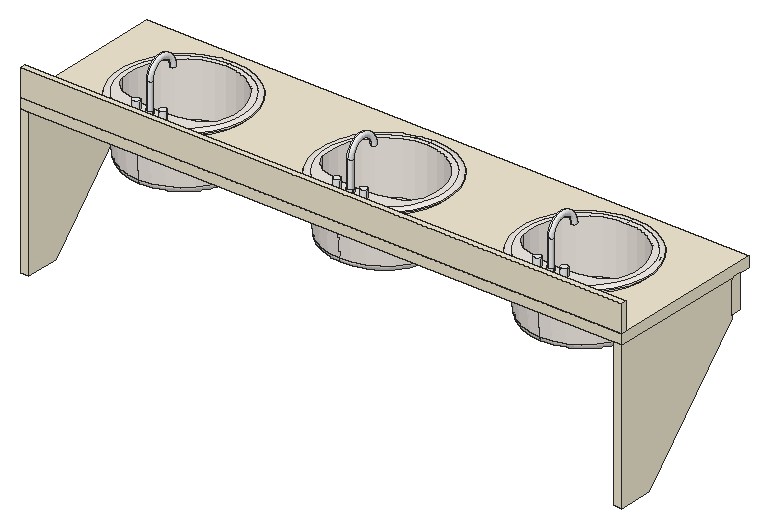
Revit family
Parameters (values of type "600mm x 2400mm Long")
  Number Of Sinks [instance] = Length / 762 mm  # 3
  Keynote = "N13/180"
  Height = 850 mm
  Distance To Sink Center [instance] = Length / (Number Of Sinks * 2) * 1  # 381 mm
  Counter Top Material = Laminate
  Base Material = Laminate
  Assembly Code = "C1030400"
  Clear Space = 685 mm
  Counter Thickness = 40 mm
  Depth = 600 mm
  Length [instance] = 2286 mm
Types (5, lengths in mm): name | Number Of Sinks | Distance To Sink Center | Length
  (no name) | 3 | 381 | 2286
  600mm x 2400mm Long | 3 | 381 | 2286
  600mm x 1800mm Long | 2 | 450 | 1800
  600mm x 1500mm Long | 2 | 375 | 1500
  600mm x 1200mm Long | 2 | 300 | 1200
Reference planes
  plane 1: y = 0
  plane 2 "Top Of Counter": z = 850
  plane 3: y = 101.6
  plane 4: x = 331.69
  plane 5: z = 810
  plane 6: y = 701.6
  plane 7 "Right": x = -1116.11
  plane 8 "Center (L/R)": x = 1169.89
  plane 9: z = 685
  plane 10 "Mid": x = 26.89
  plane 11: x = -735.11
  plane 12: y = 401.6
  plane 13: x = 788.89
Forms (mm)
  Extrusion 1, solid, material "Laminate" <- "Counter Top Material"
    sketch origin (0, 0, 850) x (0, 1, 0) y (-1, 0, 0)
      loop
        line (101.6, 1116.11) -> (101.6, -1169.89) -> (701.6, -1169.89) -> (701.6, 1116.11) -> (101.6, 1116.11)
    from 0 to -40
  Extrusion 2, solid, material "Laminate" <- "Counter Top Material"
    sketch origin (0, 0, 850) x (0, 1, 0) y (-1, 0, 0)
      loop
        line (101.6, 1116.11) -> (101.6, -1169.89) -> (120.65, -1169.89) -> (120.65, 1116.11) -> (101.6, 1116.11)
    from 0 to 101.6
  Extrusion 3, solid, material "Laminate" <- "Counter Top Material"
    sketch origin (1169.89, 0, 0) x (0, -1, 0) y (0, 0, 1)
      loop
        line (-663.5, 810) -> (-663.5, 685) -> (-625.4, 685) -> (-625.4, 810) -> (-663.5, 810)
    from 0 to 2286
  Extrusion 4, solid, material "Laminate" <- "Base Material"
    sketch origin (1169.89, 0, 0) x (0, -1, 0) y (0, 0, 1)
      loop
        line (-625.4, 810) -> (-625.4, 670.3) -> (-228.6, 254) -> (-101.6, 254) -> (-101.6, 810) -> (-625.4, 810)
    from 0 to 31.75
  Extrusion 5, solid, material "Laminate" <- "Base Material"
    sketch origin (-1116.11, 0, 0) x (0, 1, 0) y (0, 0, 1)
      loop
        line (625.4, 810) -> (101.6, 810) -> (101.6, 254) -> (228.6, 254) -> (625.4, 670.3) -> (625.4, 810)
    from 0 to 31.75
  Extrusion 6, void
    sketch origin (-228.6, -17.5, -0.4) x (1, 0, 0) y (0, 1, 0)
      loop
        circle (-506.51, 419.1) r 228.6
    from 685.8 to 863.6
  Extrusion 7, void
    sketch origin (1295.4, -17.5, 0.4) x (1, 0, 0) y (0, 1, 0)
      loop
        circle (-506.51, 419.1) r 228.6
    from 685.8 to 863.6
  Extrusion 8, void, not visible
    sketch origin (-209.6, -17.5, -0.4) x (1, 0, 0) y (0, 1, 0)
      loop
        circle (-506.51, 419.1) r 228.6
    from 685.8 to 863.6
  Extrusion 9, void
    sketch origin (533.4, -17.5, 0) x (1, 0, 0) y (0, 1, 0)
      loop
        circle (-506.51, 419.1) r 228.6
    from 685.8 to 863.6
Cuts and joins
  Extrusion 6, Extrusion 7, Extrusion 9 cuts Extrusion 1
  Extrusion 6, Extrusion 7 cuts Extrusion 2
  Extrusion 6, Extrusion 7, Extrusion 9 cuts Extrusion 3
  Extrusion 6, Extrusion 7 cuts Extrusion 4
  Extrusion 6, Extrusion 7 cuts Extrusion 5
Lines and regions (mm)
  symbolic lines
    curve 1: line (1169.89, 120.65, 0) -> (-1116.11, 120.65, 0)
    curve 2: line (-1116.11, 101.6, 0) -> (1169.89, 101.6, 0)
    curve 3: line (-1116.11, 701.6, 0) -> (-1116.11, 101.6, 0)
    curve 4: line (1169.89, 701.6, 0) -> (-1116.11, 701.6, 0)
    curve 5: line (1169.89, 101.6, 0) -> (1169.89, 701.6, 0)
Text (mm)
  text "Interior" at (0, 1019.848, 3124.603), in view "Right"
  text "Interior" at (1421.085, 271.063, 0), in view "Floor Line"
  text "Interior" at (0, 1206.291, 2342.273), in view "Left"
Dimensions and locks
  "Height": host wall to plane 2 "Top Of Counter"
  "Counter Thickness": plane 5 to plane 2 "Top Of Counter"
  "Depth": plane 3 to plane 6
  "Length": plane 7 "Right" to plane 8 "Center (L/R)"
  "Clear Space": level to plane 9
  equal spacing: plane 7 "Right", plane 10 "Mid", plane 8 "Center (L/R)"
  equal spacing: plane 6, plane 12, plane 3
  equal spacing: group 1, group 4, group 2  (x3)
  "Distance To Sink Center": plane 7 "Right" to plane 11
  "Distance To Sink Center": plane 13 to plane 8 "Center (L/R)"
  aligned and locked: plane 3 to host wall
  aligned and locked: Extrusion 1 to plane 8 "Center (L/R)"
  aligned and locked: Extrusion 1 sketch curve to plane 8 "Center (L/R)"
  aligned and locked: Extrusion 1 sketch curve to plane 7 "Right"
  aligned and locked: Extrusion 1 to plane 2 "Top Of Counter"  (x2)
  aligned and locked: Extrusion 1 to plane 5
  aligned and locked: Extrusion 1 to Extrusion 3 sketch curve
  aligned and locked: Extrusion 3 sketch curve to plane 9
  aligned and locked: Extrusion 1 to Extrusion 3  (x2)
  aligned and locked: nested 1 to plane 11
  aligned and locked: nested 1 to plane 12
  aligned and locked: plane 13 to nested 2
  aligned and locked: nested 2 to plane 12
Automatic sketch dimensions
  Extrusion 2 sketch curve to plane 3 = 0 mm
  Extrusion 1 sketch curve to host wall = 0 mm
  Extrusion 1 sketch curve to plane 6 = 0 mm
  Extrusion 2 sketch curve to plane 8 "Center (L/R)" = 0 mm
  Extrusion 2 sketch curve to plane 7 "Right" = 0 mm
  Extrusion 2 sketch curve to Extrusion 2 sketch curve = 19.05 mm
  Extrusion 3 sketch curve to plane 6 = 38.1 mm
  Extrusion 3 sketch curve to Extrusion 3 sketch curve = 38.1 mm
  Extrusion 4 sketch curve to plane 5 = 0 mm
  Extrusion 4 sketch curve to host wall = 0 mm
  host wall to Extrusion 4 sketch curve = 127 mm
  Extrusion 4 sketch curve to plane 6 = 76.2 mm
  Extrusion 4 sketch curve to Extrusion 4 sketch curve = 139.7 mm
  level to Extrusion 4 sketch curve = 254 mm
  Extrusion 5 sketch curve to host wall = 0 mm
  Extrusion 5 sketch curve to plane 5 = 0 mm
  host wall to Extrusion 5 sketch curve = 127 mm
  Extrusion 5 sketch curve to plane 6 = 76.2 mm
  Extrusion 5 sketch curve to Extrusion 5 sketch curve = 139.7 mm
  level to Extrusion 5 sketch curve = 254 mm
  curve 3 to plane 7 "Right" = 0 mm
  curve 5 to host wall = 0 mm
  curve 5 to plane 8 "Center (L/R)" = 0 mm
  curve 5 to plane 6 = 0 mm
  curve 2 to curve 1 = 19.05 mm
  Extrusion 6 sketch curve to Extrusion 6 sketch curve = 228.6 mm
  Extrusion 7 sketch curve to Extrusion 7 sketch curve = 228.6 mm
  Extrusion 6 sketch curve to Extrusion 6 sketch curve = 0 mm  (x2)
  Extrusion 7 sketch curve to Extrusion 7 sketch curve = 0 mm  (x2)
  Extrusion 8 sketch curve to Extrusion 8 sketch curve = 228.6 mm
  Extrusion 8 sketch curve to Extrusion 8 sketch curve = 0 mm  (x2)
  Extrusion 9 sketch curve to Extrusion 9 sketch curve = 228.6 mm
  Extrusion 9 sketch curve to Extrusion 9 sketch curve = 0 mm  (x2)
Nested families
  nested 1: "Sink - Vanity - Round" at (-638.459, 486.768, 75.4) x (-1, 0, 0) z (0, 0, 1), type "Basin"
  nested 2: "Sink - Vanity - Round" at (885.541, 486.768, 76.2) x (-1, 0, 0) z (0, 0, 1), type "Basin"
  nested 3: "Sink - Vanity - Round" at (-619.459, 486.768, 75.4) x (-1, 0, 0) z (0, 0, 1), type "Basin", not visible
  nested 4: "Sink - Vanity - Round" at (123.541, 486.768, 75.8) x (-1, 0, 0) z (0, 0, 1), type "Basin"
Definition of nested family "Sink - Vanity - Round"
  Parameters (values of type "Basin")
    Keynote = "N13/180"
    Assembly Code = "D2010400"
    Basin Material = Porcelain - Linen
    Material Fittings = Metal - Steel, Polished
    Top Of Counter = 785 mm
  Reference planes
    plane 1: z = 0
    plane 2 "Center (Left/Right)": x = 96.652
    plane 3: z = 785
    plane 4: z = 794.525
    plane 5: x = -144.648
    plane 6: x = 337.952
    plane 7: y = 85.168
    plane 8: y = 326.468
    plane 9: y = -156.132
    plane 10: y = 136.253
    plane 11 "cold": x = 147.452
    plane 12 "hot": x = 45.852
    plane 13: y = 247.093
    plane 14 "sweep": x = 96.652
    plane 15: y = 247.093
    plane 16: z = 823.1
    plane 17: z = 569.1
    plane 18: z = 806.76
  Forms (mm)
    Revolve 1, solid, material "Porcelain - Linen" <- "Basin Material"
      sketch origin (96.652, 0, 0) x (0, 1, 0) y (0, 0, 1)
        loop
          line (326.468, 785) -> (326.468, 788.969)
          arc (326.468, 788.969) -> (316.651, 793.824) -> (305.722, 794.525) r 27.884
          line (305.722, 794.525) -> (85.168, 794.525) -> (85.168, 569.1) -> (277.462, 569.1)
          arc (277.462, 569.1) -> (292.221, 575.344) -> (298.018, 590.284) r 20.566
          line (298.018, 590.284) -> (314.561, 785) -> (326.468, 785)
        axis (85.168, 794.525) -> (85.168, 569.1)
      angle from 0 to 360
    Extrusion 2, solid
      sketch origin (0, 0, 0) x (1, 0, 0) y (0, 1, 0)
        loop
          circle (96.652, 85.168) r 20.637
      from 592.684 to 569.1
    Extrusion 3, solid, material "Metal - Steel, Polished" <- "Material Fittings"
      sketch origin (0, 0, 0) x (1, 0, 0) y (0, 1, 0)
        loop
          circle (147.452, 247.093) r 12.7
      from 823.1 to 794.525
    Extrusion 4, solid, material "Metal - Steel, Polished" <- "Material Fittings"
      sketch origin (-101.6, 0, 0) x (1, 0, 0) y (0, 1, 0)
        loop
          circle (147.452, 247.093) r 12.7
      from 823.1 to 794.525
    Extrusion 5, solid, material "Metal - Steel, Polished" <- "Material Fittings"
      sketch origin (-50.8, 0, 0) x (1, 0, 0) y (0, 1, 0)
        loop
          circle (147.452, 247.093) r 12.7
      from 794.525 to 806.76
    Sweep 6, solid, material "Metal - Steel, Polished" <- "Material Fittings"
      path origin (96.652, 0, 0) x (0, -1, 0) y (0, 0, 1)
        loop
          line (-247.093, 794.525) -> (-247.093, 907.238)
          arc (-247.093, 907.238) -> (-191.673, 962.658) -> (-136.253, 907.238) r 55.42
      profile origin (96.652, 0, 850.881) x (0, 1, 0) y (-1, 0, 0)
        loop
          circle (247.093, 0) r 9.525
    Extrusion 7, void
      sketch origin (0, 0, 0) x (1, 0, 0) y (0, 1, 0)
        loop
          arc (-52.153, 194.086) -> (-80.443, 169.371) -> (-98.17, 136.253) r 104.55
          arc (-98.17, 136.253) -> (96.652, -116.241) -> (291.474, 136.253) r 201.408
          arc (291.474, 136.253) -> (273.746, 169.371) -> (245.457, 194.086) r 104.55
          arc (245.457, 194.086) -> (96.652, 219.266) -> (-52.153, 194.086) r 452.283
      from 794.525 to 592.684
  Cuts and joins
    Extrusion 7 cuts Revolve 1
    Extrusion 7 cuts Extrusion 2
    Extrusion 7 cuts Extrusion 3
    Extrusion 7 cuts Extrusion 4
    Extrusion 7 cuts Extrusion 5
    Extrusion 7 cuts Sweep 6
  Lines and regions (mm)
    symbolic lines
      curve 1: arc (337.952, 85.168, 0) -> (96.652, 326.468, 0) -> (-144.648, 85.168, 0) r 241.3
      curve 2: arc (-144.648, 85.168, 0) -> (96.652, -156.132, 0) -> (337.952, 85.168, 0) r 241.3
      curve 3: arc (117.289, 85.168, 0) -> (96.652, 105.805, 0) -> (76.014, 85.168, 0) r 20.637
      curve 4: arc (76.014, 85.168, 0) -> (96.652, 64.53, 0) -> (117.289, 85.168, 0) r 20.637
      curve 5: arc (160.152, 247.093, 0) -> (147.452, 259.793, 0) -> (134.752, 247.093, 0) r 12.7
      curve 6: arc (134.752, 247.093, 0) -> (147.452, 234.393, 0) -> (160.152, 247.093, 0) r 12.7
      curve 7: arc (106.177, 247.093, 0) -> (96.652, 256.618, 0) -> (87.127, 247.093, 0) r 9.525
      curve 8: arc (58.552, 247.093, 0) -> (45.852, 259.793, 0) -> (33.152, 247.093, 0) r 12.7
      curve 9: arc (33.152, 247.093, 0) -> (45.852, 234.393, 0) -> (58.552, 247.093, 0) r 12.7
      curve 10: arc (-98.17, 136.253, 0) -> (96.652, -116.241, 0) -> (291.474, 136.253, 0) r 201.408
      curve 11: arc (-98.17, 136.253, 0) -> (-80.443, 169.371, 0) -> (-52.153, 194.086, 0) r 104.55
      curve 12: arc (291.474, 136.253, 0) -> (273.746, 169.371, 0) -> (245.457, 194.086, 0) r 104.55
      curve 13: arc (-52.153, 194.086, 0) -> (16.5, 212.107, 0) -> (87.127, 219.166, 0) r 452.283
      curve 14: line (87.127, 247.093, 0) -> (87.127, 136.253, 0)
      curve 15: line (106.177, 247.093, 0) -> (106.177, 136.253, 0)
      curve 16: arc (87.127, 136.253, 0) -> (96.652, 126.728, 0) -> (106.177, 136.253, 0) r 9.525
      curve 17: arc (106.177, 219.166, 0) -> (176.804, 212.107, 0) -> (245.457, 194.086, 0) r 452.283
  Dimensions and locks
    locked: plane 4 to plane 3 at 9.525
    locked: plane 5 to plane 2 "Center (Left/Right)" at 241.3
    locked: plane 2 "Center (Left/Right)" to plane 6 at 241.3
    plane 7 to plane 8 = 241.3 mm
    plane 9 to plane 7 = 241.3 mm
    plane 1 to plane 3 = 785 mm
    locked: plane 12 "hot" to plane 2 "Center (Left/Right)" at 50.8
    locked: plane 2 "Center (Left/Right)" to plane 11 "cold" at 50.8
    locked: plane 13 to plane 8 at 79.375
    "Top Of Counter": plane 3 to plane 1
    locked: plane 16 to plane 3 at 38.1
    locked: plane 3 to plane 17 at 215.9
    plane 18 to plane 4 = 12.235 mm
    aligned and locked: plane 16 to Extrusion 3
    aligned and locked: plane 4 to Extrusion 3
    aligned and locked: Extrusion 3 to Extrusion 4
    aligned and locked: plane 4 to Extrusion 4
    aligned and locked: Revolve 1 sketch curve to plane 17
    aligned and locked: Extrusion 7 to plane 4
    aligned and locked: plane 17 to Extrusion 2
    aligned and locked: Extrusion 5 to plane 18
    aligned and locked: plane 4 to Extrusion 5
  Automatic sketch dimensions
    Extrusion 2 sketch curve to plane 7 = 0 mm
    Extrusion 2 sketch curve to plane 2 "Center (Left/Right)" = 0 mm
    Extrusion 2 sketch curve to plane 2 "Center (Left/Right)" = 20.637 mm
    Extrusion 3 sketch curve to plane 13 = 0 mm
    Extrusion 3 sketch curve to plane 11 "cold" = 0 mm
    Extrusion 3 sketch curve to Extrusion 3 sketch curve = 12.7 mm
    Extrusion 4 sketch curve to Extrusion 4 sketch curve = 12.7 mm
    Extrusion 4 sketch curve to plane 13 = 0 mm
    Extrusion 4 sketch curve to plane 11 "cold" = 101.6 mm
    Extrusion 5 sketch curve to Extrusion 5 sketch curve = 12.7 mm
    Extrusion 5 sketch curve to plane 13 = 0 mm
    Extrusion 5 sketch curve to plane 11 "cold" = 50.8 mm
    Sweep 6 sketch curve to plane 13 = 0 mm
    Sweep 6 sketch curve to plane 10 = 0 mm
    Sweep 6 sketch curve to plane 4 = 0 mm
    Sweep 6 sketch curve to plane 3 = 122.238 mm
    Sweep 6 sketch curve to plane 14 "sweep" = 0 mm
    Sweep 6 sketch curve to profile plane = 0 mm
    profile plane to Sweep 6 sketch curve = 9.525 mm
    Revolve 1 sketch curve to plane 7 = 0 mm  (x2)
    Revolve 1 sketch curve to level = 0 mm
    Revolve 1 sketch curve to plane 4 = 0 mm  (x2)
    Revolve 1 sketch curve to plane 3 = 0 mm
    Revolve 1 sketch curve to plane 8 = 0 mm
    plane 8 to Revolve 1 sketch curve = 49.006 mm
    Revolve 1 sketch curve to Revolve 1 sketch curve = 20.556 mm
    plane 8 to Revolve 1 sketch curve = 20.745 mm
    Revolve 1 sketch curve to Revolve 1 sketch curve = 17.03 mm
    plane 8 to Revolve 1 sketch curve = 11.906 mm
    Revolve 1 sketch curve to Revolve 1 sketch curve = 20.566 mm
    Revolve 1 sketch curve to Revolve 1 sketch curve = 18.111 mm
    Extrusion 7 sketch curve to plane 10 = 0 mm  (x2)
    Extrusion 7 sketch curve to plane 2 "Center (Left/Right)" = 0 mm  (x2)
    Extrusion 7 sketch curve to plane 7 = 0 mm
    Extrusion 7 sketch curve to plane 7 = 19.108 mm  (x2)
    Extrusion 7 sketch curve to plane 2 "Center (Left/Right)" = 95.283 mm
    Extrusion 7 sketch curve to Extrusion 7 sketch curve = 53.522 mm
    Extrusion 7 sketch curve to Extrusion 7 sketch curve = 46.017 mm
    plane 2 "Center (Left/Right)" to Extrusion 7 sketch curve = 95.283 mm
    plane 9 to Extrusion 7 sketch curve = 76.885 mm
    curve 2 to plane 5 = 0 mm
    curve 10 to plane 10 = 0 mm
    curve 9 to plane 13 = 0 mm
    curve 9 to plane 12 "hot" = 0 mm
    curve 3 to plane 7 = 0 mm
    curve 14 to plane 13 = 0 mm
    curve 16 to plane 10 = 0 mm
    curve 16 to plane 2 "Center (Left/Right)" = 0 mm
    curve 13 to plane 2 "Center (Left/Right)" = 0 mm
    curve 4 to plane 2 "Center (Left/Right)" = 0 mm
    curve 1 to plane 2 "Center (Left/Right)" = 0 mm
    curve 10 to plane 2 "Center (Left/Right)" = 0 mm
    curve 17 to plane 2 "Center (Left/Right)" = 0 mm
    curve 6 to plane 13 = 0 mm
    curve 6 to plane 11 "cold" = 0 mm
    curve 12 to plane 10 = 0 mm
    curve 2 to plane 7 = 0 mm
    curve 10 to plane 7 = 0 mm
    curve 10 to plane 5 = 46.478 mm
    curve 11 to plane 10 = 57.834 mm
    curve 10 to curve 11 = 46.017 mm
    curve 11 to plane 7 = 19.108 mm
    curve 9 to curve 8 = 12.7 mm
    curve 3 to plane 2 "Center (Left/Right)" = 20.637 mm
    curve 14 to plane 2 "Center (Left/Right)" = 9.525 mm
    curve 6 to curve 5 = 12.7 mm
    curve 12 to plane 7 = 19.108 mm
    curve 3 to curve 12 = 74.645 mm
    curve 17 to curve 10 = 46.017 mm
    plane 9 to curve 17 = 76.885 mm
    curve 13 to curve 17 = 0 mm
